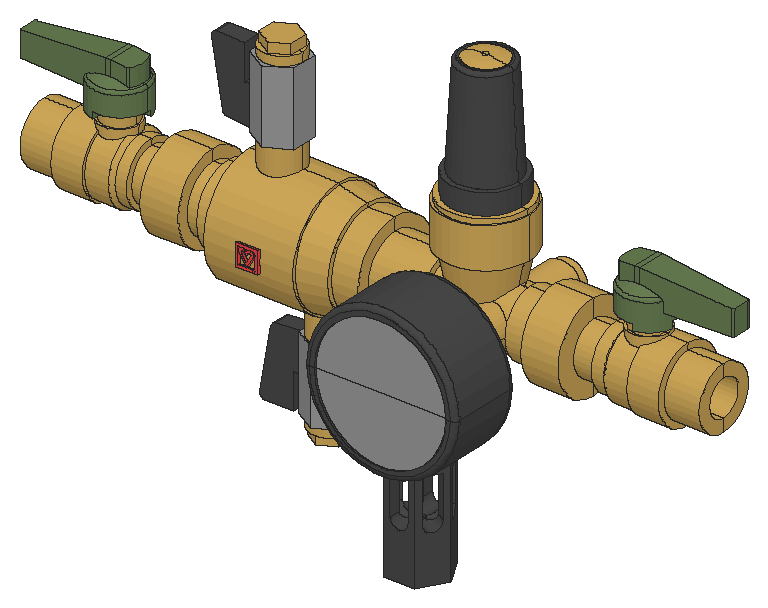
Revit family "HERZ System Separator Refilling Combination Type BA 0305", category Rohrzubehör, Revit 2018
Family settings
  Bemaßung runder Anschluss = Durchmesser verwenden
  Teiletyp = Unterbricht
  OmniClass-Nummer = 23.65.55.14
  OmniClass-Titel = Valves for Liquid Services
  Arbeitsebenenbasiert = Nein
  Immer vertikal = Ja
  Beim Laden mit Abzugskörper schneiden = Nein
  Gemeinsam genutzt = Nein
Parameters
  Note = "Pursuant to Article 33 of the REACH Regulation (EC No. 1907/2006), we are obliged to point out that the material lead is listed on the SVHC list and that all brass components manufactured in our products exceed 0.1% (w / w) lead (CAS: 7439-92-1 / EINECS: 231-100-4).\r\nSince lead is a component part of an alloy, actual exposure is not possible and therefore no additional information on safe use is necessary."
  Installation position = "horizontal"  # constant formula
  Factory pre-setting = 150000.0 Pa  # constant formula
  W02 = 80.00°  # constant formula
  W01 = 45.00°  # constant formula
  URL = "www.herzvalves.com"
  SC_NennweiteBerechnet = 0
  SC_Dimension = ""
  SCTWSEQ = "AW;SBT_TYP_AW=\"104\";2"
  SCTWCODE = "04;12;02"  # constant formula
  S08 = 65.000 mm  # constant formula
  S07 = 75.000 mm  # constant formula
  S06 = 27.000 mm  # constant formula
  S05 = 8.000 mm  # constant formula
  S04 = 20.000 mm  # constant formula
  S03 = 40.000 mm  # constant formula
  S02 [instance] = L17 + L18 + L19 + L20 + L21  # 74.900 mm
  S01 [instance] = D02 - 2.000 mm  # 13.200 mm
  R08 = 8.500 mm  # constant formula
  R07 = 31.000 mm  # constant formula
  R06 = 7.300 mm  # constant formula
  R05 = 6.500 mm  # constant formula
  R04 = 7.500 mm  # constant formula
  R03 = 8.500 mm  # constant formula
  R02 = 7.000 mm  # constant formula
  R01 = 8.000 mm  # constant formula
  Nennweite [instance] = 15.000 mm
  Medium = "Water"  # constant formula
  Max. permissible temperature (short-term) = 85 °C  # constant formula
  Max. operating temperature = 65 °C  # constant formula
  Max. operating pressure = 1000000.0 Pa  # constant formula
  L29 = 28.800 mm  # constant formula
  L28 = 85.300 mm  # constant formula
  L27 = 44.500 mm  # constant formula
  L26 = 48.500 mm  # constant formula
  L25 = 28.600 mm  # constant formula
  L24 = 10.100 mm  # constant formula
  L23 = 34.000 mm  # constant formula
  L22 = 22.000 mm  # constant formula
  L21 = 11.000 mm  # constant formula
  L20 = 12.000 mm  # constant formula
  L19 = 36.700 mm  # constant formula
  L18 = 8.700 mm  # constant formula
  L17 = 6.500 mm  # constant formula
  L16 = 70.500 mm  # constant formula
  L15 = 18.800 mm  # constant formula
  L14 = 30.000 mm  # constant formula
  L13 = 8.700 mm  # constant formula
  L12 = 4.800 mm  # constant formula
  L11 = 4.000 mm  # constant formula
  L10 = 23.300 mm  # constant formula
  L09 = 26.200 mm  # constant formula
  L08 = 15.500 mm  # constant formula
  L07 [instance] = size_lookup("0305_", "L7", 1.000 mm, Nennweite)  # 53.500 mm
  L06 [instance] = size_lookup("0305_", "L6", 1.000 mm, Nennweite)  # 30.700 mm
  L05 = 4.800 mm  # constant formula
  L04 = 10.000 mm  # constant formula
  L03 = 13.000 mm  # constant formula
  L02 [instance] = size_lookup("0305_", "L2", 1.000 mm, Nennweite)  # 14.600 mm
  L01 [instance] = size_lookup("0305_", "L1", 1.000 mm, Nennweite)  # 56.000 mm
  L00 [instance] = size_lookup("0305_", "L", 1.000 mm, Nennweite)  # 139.500 mm
  IG [instance] = Nennweite / 2  # 7.500 mm
  Hersteller = "HERZ Armaturen Ges.m.b.H."  # constant formula
  GT [instance] = size_lookup("0305_", "GT", 1.000 mm, Nennweite)  # 12.500 mm
  Sealing = "EPDM per KTW"  # constant formula
  D18 = 92.300 mm  # constant formula
  D17 = 66.500 mm  # constant formula
  D16 = 66.700 mm  # constant formula
  D15 = 12.200 mm  # constant formula
  D14 = 14.200 mm  # constant formula
  D13 = 19.200 mm  # constant formula
  D12 = 22.800 mm  # constant formula
  D11 = 23.700 mm  # constant formula
  D10 = 16.300 mm  # constant formula
  D09 = 13.500 mm  # constant formula
  D08 = 18.000 mm  # constant formula
  D07 = 22.000 mm  # constant formula
  D06 = 16.000 mm  # constant formula
  D05 = 10.600 mm  # constant formula
  D04 = 12.900 mm  # constant formula
  D03 = 14.400 mm  # constant formula
  D02 = 15.200 mm  # constant formula
  D01 [instance] = size_lookup("0305_", "D1", 1.000 mm, Nennweite)  # 12.600 mm
  Body = "brass, CW617N"  # constant formula
  Part number [instance] = if(Nennweite = 15.000 mm, "I030501", if(Nennweite = 20.000 mm, "I030502", "0"))  # "I030501"
  Output pressure = "0.5-3 bar"  # constant formula
  Application = "RPZ back flow preventers prevent the back-pressuring, back-flowing or back-suction of contaminated water into the drinking water network in accordance with EN 1717.\r\nApplication areas are all areas in which a connection is established between the drinking water network and industrial water through fixed or flexible lines.\r\nPreferred application fields are softening, de-acidification and de-carbonisation plants.\r\nFurthermore, the RPZ valves can also be used in disinfection plants or upstream of chemical cleaning apparatus, in order to prevent the back-flowing of chemically contaminated water."
Reference planes
  plane 1 "Mitte (Vorne/hinten)": y = 0
  plane 2: z = 0
  plane 3 "Mitte (Links/rechts)": x = 0
Forms (mm)
  Revolve 1, solid, material "Messing, weicher Gelbton, geschweißt", detail levels fine
    sketch origin (0, 0, 0) x (1, 0, 0) y (0, 0, 1)
      loop
        line (-127, 0) -> (-83.5, 0) -> (-83.5, 10.6) -> (-95.6, 10.6) -> (-95.6, 12.9) -> (-100.4, 12.9) -> (-101.9, 14.4) -> (-111.9, 14.4) -> (-111.9, 15.2) -> (-124.9, 15.2) -> (-124.9, 12.6) -> (-139.5, 12.6) -> (-139.5, 7.5) -> (-127, 7.5) -> (-127, 0)
      axis (-139.5, 0) -> (-83.5, 0)
    angle from 0 to 360
  Revolve 2, solid, material "Messing, weicher Gelbton, geschweißt", detail levels fine
    sketch origin (0, 0, 0) x (1, 0, 0) y (0, 0, 1)
      loop
        line (-100.8, 0) -> (-100.8, 16) -> (-101.8, 16) -> (-101.8, 22) -> (-108.8, 22) -> (-108.8, 0) -> (-100.8, 0)
      axis (-108.8, 22) -> (-108.8, 0)
    angle from 0 to 360
  Revolve 3, solid, material "Messing, weicher Gelbton, geschweißt", detail levels fine
    sketch origin (0, 0, 0) x (-1, 0, 0) y (0, 0, 1)
      loop
        line (-127, 0) -> (-83.5, 0) -> (-83.5, 10.6) -> (-95.6, 10.6) -> (-95.6, 12.9) -> (-100.4, 12.9) -> (-101.9, 14.4) -> (-111.9, 14.4) -> (-111.9, 15.2) -> (-124.9, 15.2) -> (-124.9, 12.6) -> (-139.5, 12.6) -> (-139.5, 7.5) -> (-127, 7.5) -> (-127, 0)
      axis (-139.5, 0) -> (-83.5, 0)
    angle from 0 to 360
  Revolve 4, solid, material "Messing, weicher Gelbton, geschweißt", detail levels fine
    sketch origin (0, 0, 0) x (-1, 0, 0) y (0, 0, 1)
      loop
        line (-100.8, 0) -> (-100.8, 16) -> (-101.8, 16) -> (-101.8, 22) -> (-108.8, 22) -> (-108.8, 0) -> (-100.8, 0)
      axis (-108.8, 22) -> (-108.8, 0)
    angle from 0 to 360
  Revolve 5, solid, material "Kunststoff GRÜN", detail levels fine
    sketch origin (-98.3, 0, 19.6) x (1, 0, 0) y (0, 0, 1)
      loop
        line (-10.5, 0) -> (0.9, 0) -> (0.9, 10.964)
        arc (0.9, 10.964) -> (0.673, 11.758) -> (0.059, 12.311) r 1.5
        line (0.059, 12.311) -> (-8.5, 16.5) -> (-10.5, 16.5) -> (-10.5, 0)
      axis (-10.5, 16.5) -> (-10.5, 0)
    angle from 0 to 360
  Extrusion 6, void
    sketch origin (-98.3, 0, 0) x (1, 0, 0) y (0, 1, 0)
      loop
        arc (-8.4, 11.205) -> (-18.561, 8.061) -> (-21.705, -2.1) r 11.4
        line (-21.705, -2.1) -> (-17.178, -2.1)
        arc (-17.178, -2.1) -> (-15.45, -4.95) -> (-12.6, -6.678) r 7
        line (-12.6, -6.678) -> (-12.6, -11.205)
        arc (-12.6, -11.205) -> (-2.439, -8.061) -> (0.705, 2.1) r 11.4
        line (0.705, 2.1) -> (-3.822, 2.1)
        arc (-3.822, 2.1) -> (-5.55, 4.95) -> (-8.4, 6.678) r 7
        line (-8.4, 6.678) -> (-8.4, 11.205)
    from 19.6 to 22.3
  Extrusion 7, solid, material "Kunststoff GRÜN", detail levels fine
    sketch origin (-98.3, 0, 0) x (1, 0, 0) y (0, 1, 0)
      loop
        line (-48.5, 3.242) -> (-48.5, -3.242)
        arc (-48.5, -3.242) -> (-48.281, -3.792) -> (-47.743, -4.041) r 0.8
        line (-47.743, -4.041) -> (-11.5, -5.987) -> (-9.5, -5.987) -> (-3.01, -5.535)
        arc (-3.01, -5.535) -> (-2.552, -5.387) -> (-2.216, -5.042) r 1
        arc (-2.216, -5.042) -> (-0.852, 0) -> (-2.216, 5.042) r 10
        arc (-2.216, 5.042) -> (-2.552, 5.387) -> (-3.01, 5.535) r 1
        line (-3.01, 5.535) -> (-9.5, 5.987) -> (-10.5, 5.987) -> (-11.5, 5.987) -> (-47.743, 4.041)
        arc (-47.743, 4.041) -> (-48.281, 3.792) -> (-48.5, 3.242) r 0.8
    from 26.6 to 40.1
  Extrusion 8, void
    sketch origin (-108.8, 0, 0) x (1, 0, 0) y (0, 0, 1)
      loop
        line (1, 40.1) -> (10.462, 39.272) -> (10.462, 41.682) -> (-40.279, 41.682) -> (-40.279, 36.664) -> (-1, 40.1) -> (0, 40.1) -> (1, 40.1)
    from 8 to -8
  Revolve 9, solid, material "Kunststoff GRÜN", detail levels fine
    sketch origin (98.3, 0, 19.6) x (-1, 0, 0) y (0, 0, -1)
      loop
        line (-10.5, 0) -> (-10.5, -16.5) -> (-8.5, -16.5) -> (0.059, -12.311)
        arc (0.059, -12.311) -> (0.673, -11.758) -> (0.9, -10.964) r 1.5
        line (0.9, -10.964) -> (0.9, 0) -> (-10.5, 0)
      axis (-10.5, -16.5) -> (-10.5, 0)
    angle from 0 to 360
  Extrusion 10, void
    sketch origin (98.3, 0, 0) x (-1, 0, 0) y (0, -1, 0)
      loop
        line (-8.4, -11.205) -> (-8.4, -6.678)
        arc (-8.4, -6.678) -> (-5.55, -4.95) -> (-3.822, -2.1) r 7
        line (-3.822, -2.1) -> (0.705, -2.1)
        arc (0.705, -2.1) -> (-2.439, 8.061) -> (-12.6, 11.205) r 11.4
        line (-12.6, 11.205) -> (-12.6, 6.678)
        arc (-12.6, 6.678) -> (-15.45, 4.95) -> (-17.178, 2.1) r 7
        line (-17.178, 2.1) -> (-21.705, 2.1)
        arc (-21.705, 2.1) -> (-18.561, -8.061) -> (-8.4, -11.205) r 11.4
    from 19.6 to 22.3
  Extrusion 11, solid, material "Kunststoff GRÜN", detail levels fine
    sketch origin (98.3, 0, 0) x (-1, 0, 0) y (0, -1, 0)
      loop
        arc (-48.5, -3.242) -> (-48.281, -3.792) -> (-47.743, -4.041) r 0.8
        line (-47.743, -4.041) -> (-11.5, -5.987) -> (-10.5, -5.987) -> (-9.5, -5.987) -> (-3.01, -5.535)
        arc (-3.01, -5.535) -> (-2.552, -5.387) -> (-2.216, -5.042) r 1
        arc (-2.216, -5.042) -> (-0.852, 0) -> (-2.216, 5.042) r 10
        arc (-2.216, 5.042) -> (-2.552, 5.387) -> (-3.01, 5.535) r 1
        line (-3.01, 5.535) -> (-9.5, 5.987) -> (-11.5, 5.987) -> (-47.743, 4.041)
        arc (-47.743, 4.041) -> (-48.281, 3.792) -> (-48.5, 3.242) r 0.8
        line (-48.5, 3.242) -> (-48.5, -3.242)
    from 26.6 to 40.1
  Extrusion 12, void
    sketch origin (108.8, 0, 0) x (-1, 0, 0) y (0, 0, -1)
      loop
        line (1, -40.1) -> (0, -40.1) -> (-1, -40.1) -> (-40.279, -36.664) -> (-40.279, -41.682) -> (10.462, -41.682) -> (10.462, -39.272) -> (1, -40.1)
    from 8 to -8
  Revolve 13, solid, material "Messing, weicher Gelbton, geschweißt", detail levels fine
    sketch origin (0, 0, 0) x (1, 0, 0) y (0, 0, 1)
      loop
        line (-86, 0) -> (-70.5, 0) -> (-70.5, 18) -> (-86, 18) -> (-86, 0)
      axis (-86, 0) -> (-70.5, 0)
    angle from 0 to 360
  Revolve 14, solid, material "Messing, weicher Gelbton, geschweißt", detail levels fine
    sketch origin (0, 0, 0) x (-1, 0, 0) y (0, 0, 1)
      loop
        line (-86, 0) -> (-70.5, 0) -> (-70.5, 18) -> (-86, 18) -> (-86, 0)
      axis (-86, 0) -> (-70.5, 0)
    angle from 0 to 360
  Revolve 15, solid, material "Messing, weicher Gelbton, geschweißt", detail levels fine
    sketch origin (0, 0, 0) x (1, 0, 0) y (0, 1, 0)
      loop
        line (59.2, 26.2) -> (59.2, 30.2) -> (51.7, 30.2) -> (51.7, -28.1) -> (58.2, -28.1) -> (58.2, -23.3) -> (60.2, -23.3) -> (60.2, 26.2) -> (59.2, 26.2)
      axis (51.7, 30.2) -> (51.7, -28.1)
    angle from 0 to 360
  Revolve 16, solid, material "Kunststoff - SCHWARZ", detail levels fine
    sketch origin (0, 0, 0) x (1, 0, 0) y (0, 1, 0)
      loop
        line (51.7, -28.1) -> (51.7, -64.8) -> (78.7, -64.8) -> (78.7, -66.8) -> (80.7, -66.8)
        arc (80.7, -66.8) -> (82.114, -66.214) -> (82.7, -64.8) r 2
        line (82.7, -64.8) -> (82.7, -38.8)
        arc (82.7, -38.8) -> (82.114, -37.386) -> (80.7, -36.8) r 2
        line (80.7, -36.8) -> (59, -36.8) -> (59, -28.1) -> (51.7, -28.1)
      axis (51.7, -28.1) -> (51.7, -66.8)
    angle from 0 to 360
  Revolve 17, solid, material "Messing, weicher Gelbton, geschweißt", detail levels fine
    sketch origin (0, 0, 0) x (1, 0, 0) y (0, 0, 1)
      loop
        line (-70.5, 0) -> (70.5, 0) -> (70.5, 13.5) -> (60.4, 13.5) -> (60.4, 12.2) -> (26.4, 12.2) -> (26.4, 14.2) -> (4.4, 14.2) -> (4.4, 19.2) -> (-6.6, 19.2) -> (-6.6, 20.684) -> (-18.6, 22.8) -> (-18.6, 23.7) -> (-55.3, 23.7) -> (-55.3, 16.3) -> (-64, 16.3) -> (-64, 13.5) -> (-70.5, 13.5) -> (-70.5, 0)
      axis (-70.5, 0) -> (70.5, 0)
    angle from 0 to 360
  Revolve 18, solid, material "Messing, weicher Gelbton, geschweißt", detail levels fine
    sketch origin (0, 0, 0) x (1, 0, 0) y (0, 0, 1)
      loop
        line (-41.9, 0) -> (-33.4, 0) -> (-33.4, 66.7) -> (-41.9, 66.7) -> (-41.9, 0)
      axis (-41.9, 0) -> (-41.9, 66.7)
    angle from 0 to 360
  Revolve 19, solid, material "Messing, weicher Gelbton, geschweißt", detail levels fine
    sketch origin (0, 0, 0) x (1, 0, 0) y (0, 0, -1)
      loop
        line (-22, 0) -> (-13.5, 0) -> (-13.5, 66.7) -> (-22, 66.7) -> (-22, 0)
      axis (-22, 0) -> (-22, 66.7)
    angle from 0 to 360
  Extrusion 20, solid, material "Messing, weicher Gelbton, geschweißt", detail levels fine
    sketch origin (0, 0, 0) x (1, 0, 0) y (0, 1, 0)
      loop
        line (-41.9, 7.5) -> (-48.395, 3.75) -> (-48.395, -3.75) -> (-41.9, -7.5) -> (-35.405, -3.75) -> (-35.405, 3.75) -> (-41.9, 7.5)
    from 66.7 <- "D16" to 70.7
  Extrusion 21, solid, material "Messing, weicher Gelbton, geschweißt", detail levels fine
    sketch origin (0, 0, 0) x (1, 0, 0) y (0, 1, 0)
      loop
        line (-22, 7.5) -> (-28.495, 3.75) -> (-28.495, -3.75) -> (-22, -7.5) -> (-15.505, -3.75) -> (-15.505, 3.75) -> (-22, 7.5)
    from -70.7 to -66.7
  Extrusion 22, solid, material "Aluminium 3003-H16", detail levels fine
    sketch origin (0, 0, 0) x (1, 0, 0) y (0, 1, 0)
      loop
        line (-41.9, 10.5) -> (-50.993, 5.25) -> (-50.993, -5.25) -> (-41.9, -10.5) -> (-32.807, -5.25) -> (-32.807, 5.25) -> (-41.9, 10.5)
    from 33.3 to 63.3
  Extrusion 23, solid, material "Aluminium 3003-H16", detail levels fine
    sketch origin (0, 0, 0) x (1, 0, 0) y (0, 1, 0)
      loop
        line (-22, 10.5) -> (-31.093, 5.25) -> (-31.093, -5.25) -> (-22, -10.5) -> (-12.907, -5.25) -> (-12.907, 5.25) -> (-22, 10.5)
    from -63.3 to -33.3
  Extrusion 24, solid, material "Kunststoff - SCHWARZ", detail levels fine
    sketch origin (0, 0, 0) x (1, 0, 0) y (0, 0, 1)
      loop
        line (-31.093, -33.8) -> (-41.854, -34.675)
        arc (-41.854, -34.675) -> (-43.039, -35.189) -> (-43.662, -36.321) r 2
        line (-43.662, -36.321) -> (-48.186, -61.952)
        arc (-48.186, -61.952) -> (-47.748, -63.585) -> (-46.216, -64.3) r 2
        line (-46.216, -64.3) -> (-34.4, -64.3) -> (-34.4, -49.8) -> (-22, -49.8) -> (-22, -33.8) -> (-31.093, -33.8)
    from -3.5 to 3.5
  Extrusion 25, solid, material "Kunststoff - SCHWARZ", detail levels fine
    sketch origin (-20, 0, 0) x (1, 0, 0) y (0, 0, 1)
      loop
        line (-31.093, 33.8) -> (-22, 33.8) -> (-22, 49.8) -> (-34.4, 49.8) -> (-34.4, 64.3) -> (-46.216, 64.3)
        arc (-46.216, 64.3) -> (-47.748, 63.585) -> (-48.186, 61.952) r 2
        line (-48.186, 61.952) -> (-43.662, 36.321)
        arc (-43.662, 36.321) -> (-43.039, 35.189) -> (-41.854, 34.675) r 2
        line (-41.854, 34.675) -> (-31.093, 33.8)
    from -3.5 to 3.5
  Revolve 26, solid, material "Messing, weicher Gelbton, geschweißt", detail levels fine
    sketch origin (0, 0, 0) x (1, 0, 0) y (0, 0, 1)
      loop
        line (-26, 0) -> (9.709, -35.709) -> (14.517, -30.901) -> (13.103, -29.486) -> (14.164, -28.426) -> (11.335, -25.597) -> (12.042, -24.89) -> (-19.424, 6.576) -> (-26, 0)
      axis (-26, 0) -> (9.709, -35.709)
    angle from 0 to 360
  Revolve 27, solid, material "Messing, weicher Gelbton, geschweißt", detail levels fine
    sketch origin (0, 0, 0) x (1, 0, 0) y (0, 0, 1)
      loop
        line (14.8, -48) -> (14.8, -66.5) -> (21.3, -66.5) -> (21.3, -65.5) -> (24.6, -65.5) -> (24.6, -54) -> (23.1, -54) -> (23.1, -50) -> (21.6, -50) -> (21.6, -48) -> (14.8, -48)
      axis (14.8, -48) -> (14.8, -66.5)
    angle from 0 to 360
  SweptBlend 28, solid, material "Messing, weicher Gelbton, geschweißt", detail levels fine
    path origin (0, 0, 0) x (1, 0, 0) y (0, 0, 1)
      loop
        arc (14.8, -48) -> (13.5, -41.338) -> (9.709, -35.709) r 17.079
    profile origin (14.8, 0, -48) x (-0.999973, 0, 0.007372) y (0, -1, 0)
      loop
        circle (0, 0) r 6.8
    end profile origin (9.709, 0, -35.709) x (-0.701878, 0, -0.712297) y (0, -1, 0)
      loop
        circle (0, 0) r 6.8
  Extrusion 29, solid, material "Kunststoff - SCHWARZ", detail levels fine
    sketch origin (1.983, -7.4, 0) x (0.866025, 0.5, 0) y (-0.5, 0.866025, 0)
      loop
        line (14.8, 12.5) -> (3.975, 6.25) -> (3.975, -6.25) -> (14.8, -12.5) -> (25.625, -6.25) -> (25.625, 6.25) -> (14.8, 12.5)
    from -107 to -58
  Extrusion 30, void
    sketch origin (0, 0, 0) x (1, 0, 0) y (0, 0, 1)
      loop
        line (11.05, -66.5) -> (11.05, -84.05)
        arc (11.05, -84.05) -> (14.8, -87.8) -> (18.55, -84.05) r 3.75
        line (18.55, -84.05) -> (18.55, -66.5) -> (11.05, -66.5)
    from 1 to 12
  Extrusion 31, void
    sketch origin (22.2, 12.817, 0) x (-0.5, -0.866025, 0) y (0, 0, -1)
      loop
        line (11.05, 66.5) -> (18.55, 66.5) -> (18.55, 84.05)
        arc (18.55, 84.05) -> (14.8, 87.8) -> (11.05, 84.05) r 3.75
        line (11.05, 84.05) -> (11.05, 66.5)
    from -12 to -1
  Extrusion 32, void
    sketch origin (22.2, -12.817, 0) x (-0.5, 0.866025, 0) y (0, 0, 1)
      loop
        line (11.05, -66.5) -> (11.05, -84.05)
        arc (11.05, -84.05) -> (14.8, -87.8) -> (18.55, -84.05) r 3.75
        line (18.55, -84.05) -> (18.55, -66.5) -> (11.05, -66.5)
    from -12 to -1
  Extrusion 33, void
    sketch origin (0, 0, 0) x (1, 0, 0) y (0, 0, 1)
      loop
        line (11.05, -66.5) -> (11.05, -84.05)
        arc (11.05, -84.05) -> (14.8, -87.8) -> (18.55, -84.05) r 3.75
        line (18.55, -84.05) -> (18.55, -66.5) -> (11.05, -66.5)
    from -12 to -1
  Extrusion 34, void
    sketch origin (22.2, -12.817, 0) x (-0.5, 0.866025, 0) y (0, 0, -1)
      loop
        line (11.05, 66.5) -> (18.55, 66.5) -> (18.55, 84.05)
        arc (18.55, 84.05) -> (14.8, 87.8) -> (11.05, 84.05) r 3.75
        line (11.05, 84.05) -> (11.05, 66.5)
    from -12 to -1
  Extrusion 35, void
    sketch origin (22.2, 12.817, 0) x (-0.5, -0.866025, 0) y (0, 0, 1)
      loop
        line (11.05, -66.5) -> (11.05, -84.05)
        arc (11.05, -84.05) -> (14.8, -87.8) -> (18.55, -84.05) r 3.75
        line (18.55, -84.05) -> (18.55, -66.5) -> (11.05, -66.5)
    from -12 to -1
  Extrusion 36, void
    sketch origin (0, 0, 0) x (1, 0, 0) y (0, 1, 0)
      loop
        circle (14.8, 0) r 2
    from -88.4 to -66.5
  Revolve 37, solid, material "Messing, weicher Gelbton, geschweißt", detail levels fine
    sketch origin (0, 0, 0) x (1, 0, 0) y (0, 0, 1)
      loop
        line (41.7, 0) -> (52.967, 0) -> (57.7, 22.6) -> (59.7, 22.6) -> (59.7, 39.2) -> (58.9, 39.2) -> (58.9, 41.2) -> (41.7, 41.2) -> (41.7, 0)
      axis (41.7, 41.2) -> (41.7, 0)
    angle from 0 to 360
  Revolve 38, solid, material "Kunststoff - SCHWARZ", detail levels fine
    sketch origin (0, 0, 0) x (1, 0, 0) y (0, 0, 1)
      loop
        line (41.7, 41.2) -> (56.7, 41.2) -> (56.7, 49.7) -> (54.7, 49.7) -> (52.769, 89.772)
        arc (52.769, 89.772) -> (52.305, 90.786) -> (51.271, 91.2) r 1.5
        line (51.271, 91.2) -> (41.7, 91.2) -> (41.7, 41.2)
      axis (41.7, 91.2) -> (41.7, 41.2)
    angle from 0 to 360
  Revolve 39, solid, material "Messing, weicher Gelbton, geschweißt", detail levels fine
    sketch origin (0, 0, 0) x (1, 0, 0) y (0, 0, 1)
      loop
        line (41.7, 90.224) -> (50.2, 90.224) -> (50.2, 91.262)
        arc (50.2, 91.262) -> (46.695, 92.029) -> (43.118, 92.3) r 25.716
        line (43.118, 92.3) -> (41.7, 92.3) -> (41.7, 90.224)
      axis (41.7, 92.3) -> (41.7, 90.224)
    angle from 0 to 360
  Revolve 40, solid, material "Acetalharz, Weiß", detail levels fine
    sketch origin (0, 0, 0) x (1, 0, 0) y (0, 1, 0)
      loop
        line (51.7, -64.8) -> (51.7, -66.3) -> (78.7, -66.3) -> (78.7, -64.8) -> (51.7, -64.8)
      axis (51.7, -66.3) -> (51.7, -64.8)
    angle from 0 to 360
Cuts and joins
  Extrusion 6, Extrusion 10 cuts Revolve 5
  Extrusion 8, Extrusion 12 cuts Extrusion 7
  Extrusion 10 cuts Revolve 2
  Extrusion 10 cuts Revolve 9
  Extrusion 12 cuts Extrusion 11
  Extrusion 30, Extrusion 31, Extrusion 32, Extrusion 33, Extrusion 34, Extrusion 35, Extrusion 36 cuts Revolve 27
  Extrusion 30, Extrusion 31, Extrusion 32, Extrusion 33, Extrusion 34, Extrusion 35, Extrusion 36 cuts Extrusion 29
Lines and regions (mm)
  model lines
    curve 1: line (-70.5, 0, 0) -> (4.4, 0, 0)
  model lines, detail levels coarse+medium
    curve 2: line (-139.5, 0, 15.2) -> (-139.5, 0, -15.2)
    curve 3: line (-139.5, 0, -15.2) -> (-83.5, 0, 15.2)
    curve 4: line (-83.5, 0, 15.2) -> (-83.5, 0, -15.2)
    curve 5: line (-83.5, 0, -15.2) -> (-139.5, 0, 15.2)
    curve 6: circle (-111.5, 0, 0) r 13.2 normal (0, -1, 0)
    curve 7: line (139.5, 0, 15.2) -> (139.5, 0, -15.2)
    curve 8: line (139.5, 0, -15.2) -> (83.5, 0, 15.2)
    curve 9: line (83.5, 0, 15.2) -> (83.5, 0, -15.2)
    curve 10: line (83.5, 0, -15.2) -> (139.5, 0, 15.2)
    curve 11: circle (111.5, 0, 0) r 13.2 normal (0, 1, 0)
    curve 12: line (-70.5, 0, 23.7) -> (4.4, 0, 23.7)
    curve 13: line (-70.5, 0, -23.7) -> (-70.5, 0, 23.7)
    curve 14: line (4.4, 0, -23.7) -> (-70.5, 0, -23.7)
    curve 15: line (4.4, 0, 23.7) -> (4.4, 0, -23.7)
    curve 16: line (-83.5, 0, 0) -> (-70.5, 0, 0)
    curve 17: line (-70.5, 0, 15.7) -> (-30.5, 0, 15.7)
    curve 18: line (-15.6, 0, 15.7) -> (4.4, 0, 15.7)
    curve 19: line (-70.5, 0, -15.7) -> (-30.5, 0, -15.7)
    curve 20: line (-15.6, 0, -15.7) -> (4.4, 0, -15.7)
    curve 21: line (4.4, 0, 0) -> (83.5, 0, 0)
    curve 22: circle (51.592, 0, 47) r 27 normal (0, -1, 0)
    curve 23: line (35.682, 0, 31.09) -> (67.502, 0, 62.91)
    curve 24: line (67.502, 0, 62.91) -> (67.502, 0, 52.91)
    curve 25: line (67.502, 0, 62.91) -> (57.502, 0, 62.91)
    curve 26: line (51.592, 0, 20) -> (51.592, 0, 0)
    curve 27: line (4.4, 0, -23.7) -> (4.4, 0, -75)
    curve 28: line (-8.1, 0, -65) -> (16.9, 0, -65)
    curve 29: line (-139.5, 15.2, 0) -> (-139.5, -15.2, 0)
    curve 30: line (-139.5, -15.2, 0) -> (-83.5, 15.2, 0)
    curve 31: line (-83.5, 15.2, 0) -> (-83.5, -15.2, 0)
    curve 32: line (-83.5, -15.2, 0) -> (-139.5, 15.2, 0)
    curve 33: circle (-111.5, 0, 0) r 13.2 normal (0, 0, 1)
    curve 34: line (139.5, 15.2, 0) -> (139.5, -15.2, 0)
    curve 35: line (139.5, -15.2, 0) -> (83.5, 15.2, 0)
    curve 36: line (83.5, 15.2, 0) -> (83.5, -15.2, 0)
    curve 37: line (83.5, -15.2, 0) -> (139.5, 15.2, 0)
    curve 38: circle (111.5, 0, 0) r 13.2 normal (0, 0, -1)
    curve 39: circle (41.3, 36.063, 0) r 27 normal (0, 0, 1)
    curve 40: line (25.39, 20.154, 0) -> (57.21, 51.973, 0)
    curve 41: line (57.21, 51.973, 0) -> (57.21, 41.973, 0)
    curve 42: line (57.21, 51.973, 0) -> (47.21, 51.973, 0)
    curve 43: line (41.3, 9.063, 0) -> (41.3, 0, 0)
    curve 44: line (-70.5, 23.7, 0) -> (4.4, 23.7, 0)
    curve 45: line (-70.5, -23.7, 0) -> (-70.5, 23.7, 0)
    curve 46: line (4.4, -23.7, 0) -> (-70.5, -23.7, 0)
    curve 47: line (4.4, 23.7, 0) -> (4.4, -23.7, 0)
    curve 48: line (-70.5, 15.7, 0) -> (-30.5, 15.7, 0)
    curve 49: line (4.4, 15.7, 0) -> (-15.6, 15.7, 0)
    curve 50: line (-70.5, -15.7, 0) -> (-30.5, -15.7, 0)
    curve 51: line (4.4, -15.7, 0) -> (-15.6, -15.7, 0)
    curve 52: line (4.4, -23.7, 0) -> (4.4, -75, 0)
    curve 53: line (-8.1, -65, 0) -> (16.9, -65, 0)
Dimensions and locks
  "IG": Revolve 1 sketch curve to plane 2
  "L01": Revolve 1 sketch curve to Revolve 1 sketch curve
  "L02": Revolve 1 sketch curve to Revolve 1 sketch curve
  "L03": Revolve 1 sketch curve to Revolve 1 sketch curve
  "L04": Revolve 1 sketch curve to Revolve 1 sketch curve
  "L05": Revolve 1 sketch curve to Revolve 1 sketch curve
  "D01": Revolve 1 sketch curve to plane 2
  "D02": Revolve 1 sketch curve to Revolve 1 sketch curve
  "D03": Revolve 1 sketch curve to plane 2
  "D04": Revolve 1 sketch curve to plane 2
  "D05": Revolve 1 sketch curve to plane 2
  "R01": Revolve 2 sketch curve to Revolve 2 sketch curve
  "L06": Revolve 1 to Revolve 2 sketch curve
  "D06": Revolve 2 sketch curve to plane 2
  "R02": Revolve 2 sketch curve to Revolve 2 sketch curve
  "D07": Revolve 2 sketch curve to plane 2
  "L00": plane 3 "Mitte (Links/rechts)" to Revolve 1 sketch curve
  "L01": Revolve 3 sketch curve to Revolve 3 sketch curve
  "L02": Revolve 3 sketch curve to Revolve 3 sketch curve
  "L03": Revolve 3 sketch curve to Revolve 3 sketch curve
  "L04": Revolve 3 sketch curve to Revolve 3 sketch curve
  "L05": Revolve 3 sketch curve to Revolve 3 sketch curve
  "D02": Revolve 3 sketch curve to Revolve 3 sketch curve
  "R01": Revolve 4 sketch curve to Revolve 4 sketch curve
  "L06": Revolve 3 to Revolve 4 sketch curve
  "R02": Revolve 4 sketch curve to Revolve 4 sketch curve
  "L00": plane 3 "Mitte (Links/rechts)" to Revolve 3 sketch curve
  "L06": Revolve 5 sketch curve to Revolve 1
  cut or joined group of Revolve 5, Extrusion 6, Extrusion 10 to plane 2 = 22.300 mm
  Extrusion 10 to plane 2 = 22.300 mm
  "L06": Revolve 9 sketch curve to Revolve 3
  "L07": Revolve 13 sketch curve to Revolve 1
  "L08": Revolve 13 sketch curve to Revolve 13 sketch curve
  "D08": Revolve 13 sketch curve to plane 2
  "L08": Revolve 14 sketch curve to Revolve 14 sketch curve
  "L07": Revolve 14 sketch curve to Revolve 3
  "D08": Revolve 14 sketch curve to plane 2
  "IG": Revolve 3 sketch curve to plane 2
  "D01": Revolve 3 sketch curve to plane 2
  "D05": Revolve 3 sketch curve to plane 2
  "D04": Revolve 3 sketch curve to plane 2
  "D03": Revolve 3 sketch curve to plane 2
  "D06": Revolve 4 sketch curve to plane 2
  "D07": Revolve 4 sketch curve to plane 2
  "L06": Extrusion 11 sketch curve to Revolve 3
  "L06": Revolve 1 to Extrusion 7 sketch curve
  cut or joined group of Extrusion 7, Extrusion 8, Extrusion 12 to Extrusion 7 sketch curve = 38.000 mm
  Extrusion 11 sketch curve to cut or joined group of Extrusion 11, Extrusion 12 = 38.000 mm
  "L06": Revolve 1 to Extrusion 8 sketch curve
  "L06": Extrusion 12 sketch curve to Revolve 3
  "R03": Revolve 15 sketch curve to Revolve 15 sketch curve
  "L09": plane 1 "Mitte (Vorne/hinten)" to Revolve 15 sketch curve
  "L10": Revolve 15 sketch curve to plane 1 "Mitte (Vorne/hinten)"
  "R04": Revolve 15 sketch curve to Revolve 15 sketch curve
  "L11": Revolve 15 sketch curve to Revolve 15 sketch curve
  "R05": Revolve 15 sketch curve to Revolve 15 sketch curve
  "L15": Revolve 15 sketch curve to Revolve 14
  "L12": Revolve 15 sketch curve to Revolve 15 sketch curve
  "R06": Revolve 15 sketch curve to Revolve 16 sketch curve
  "L13": Revolve 16 sketch curve to Revolve 16 sketch curve
  "R07": Revolve 15 sketch curve to Revolve 16 sketch curve
  "L14": Revolve 16 sketch curve to Revolve 16 sketch curve
  "R07": Revolve 16 sketch curve to Revolve 16 sketch curve
  Revolve 16 sketch curve to Revolve 16 sketch curve = 7.300 mm
  "GT": Revolve 1 sketch curve to Revolve 1 sketch curve
  "GT": Revolve 3 sketch curve to Revolve 3 sketch curve
  "L16": plane 3 "Mitte (Links/rechts)" to Revolve 17 sketch curve
  "L17": Revolve 17 sketch curve to Revolve 17 sketch curve
  "L18": Revolve 17 sketch curve to Revolve 17 sketch curve
  "L19": Revolve 17 sketch curve to Revolve 17 sketch curve
  "L20": Revolve 17 sketch curve to Revolve 17 sketch curve
  "L21": Revolve 17 sketch curve to Revolve 17 sketch curve
  "L22": Revolve 17 sketch curve to Revolve 17 sketch curve
  "L23": Revolve 17 sketch curve to Revolve 17 sketch curve
  "L24": Revolve 17 sketch curve to Revolve 17 sketch curve
  "D09": Revolve 17 sketch curve to plane 2  (x2)
  "D10": Revolve 17 sketch curve to plane 2
  "D11": Revolve 17 sketch curve to plane 2
  "D15": Revolve 17 sketch curve to plane 2
  "D14": Revolve 17 sketch curve to plane 2
  "D13": Revolve 17 sketch curve to plane 2
  "D12": Revolve 17 sketch curve to plane 2
  "L06": Revolve 1 to Extrusion 6 sketch curve
  "L06": Extrusion 10 sketch curve to Revolve 3
  "L25": Revolve 13 to Revolve 18 sketch curve
  "R08": Revolve 18 sketch curve to Revolve 18 sketch curve
  "D16": Revolve 18 sketch curve to plane 2
  "R08": Revolve 19 sketch curve to Revolve 19 sketch curve
  "L26": Revolve 13 to Revolve 19 sketch curve
  "D16": plane 2 to Revolve 19 sketch curve
  "L25": Revolve 13 to Extrusion 20 sketch curve
  "L26": Revolve 13 to Extrusion 21 sketch curve
  "L25": Revolve 13 to Extrusion 22 sketch curve
  "L26": Revolve 13 to Extrusion 23 sketch curve
  "L27": Revolve 13 to Revolve 26 sketch curve
  "L28": Revolve 13 to Revolve 27 sketch curve
  "L29": Revolve 37 sketch curve to Revolve 14
  "D18": Revolve 39 sketch curve to plane 2
  Revolve 37 sketch curve to Revolve 37 sketch curve = 11.267 mm
  "D11": nested 1 to plane 1 "Mitte (Vorne/hinten)"
  "D02": curve 5 to plane 2 to curve 3
  "D02": curve 4 to plane 2 to curve 5
  "L00": plane 3 "Mitte (Links/rechts)" to curve 2
  "L01": curve 2 to curve 4
  "D02": curve 10 to plane 2 to curve 8
  "D02": curve 9 to plane 2 to curve 10
  "L00": curve 7 to plane 3 "Mitte (Links/rechts)"
  "L01": curve 9 to curve 7
  "L16": plane 3 "Mitte (Links/rechts)" to curve 13
  "S02": curve 15 to curve 13
  "D11": curve 12 to plane 2 to curve 14
  "S05": curve 19 to curve 14
  "S05": curve 12 to curve 17
  "S05": curve 12 to curve 18
  "S05": curve 20 to curve 14
  "S04": curve 18 to curve 15
  "S03": curve 17 to curve 13
  "S03": curve 19 to curve 13
  "S04": curve 20 to curve 15
  "S07": plane 2 to curve 27
  "S08": plane 2 to curve 28
  "L00": curve 29 to plane 3 "Mitte (Links/rechts)"
  "L01": curve 29 to curve 31
  "D02": curve 30 to plane 1 "Mitte (Vorne/hinten)" to curve 32
  "D02": curve 32 to plane 1 "Mitte (Vorne/hinten)" to curve 31
  equal spacing: curve 29, curve 33, curve 31
  equal spacing: curve 2, curve 6, curve 4
  equal spacing: curve 9, curve 11, curve 7
  "L01": curve 34 to curve 36
  "D02": curve 35 to plane 1 "Mitte (Vorne/hinten)" to curve 37
  "D02": curve 37 to plane 1 "Mitte (Vorne/hinten)" to curve 36
  equal spacing: curve 34, curve 38, curve 36
  "L00": plane 3 "Mitte (Links/rechts)" to curve 34
  "L16": curve 45 to plane 3 "Mitte (Links/rechts)"
  "S02": curve 45 to curve 47
  "D11": curve 46 to plane 1 "Mitte (Vorne/hinten)" to curve 44
  "S05": curve 48 to curve 44
  "S05": curve 44 to curve 49
  "S05": curve 51 to curve 46
  "S05": curve 46 to curve 50
  "S03": curve 45 to curve 48
  "S04": curve 49 to curve 47
  "S04": curve 51 to curve 47
  "S03": curve 45 to curve 50
  "S07": curve 52 to plane 1 "Mitte (Vorne/hinten)"
  "S08": curve 53 to plane 1 "Mitte (Vorne/hinten)"
  radius of cut or joined group of Extrusion 7, Extrusion 8, Extrusion 12 = 10.000 mm
  radius of cut or joined group of Extrusion 11, Extrusion 12 = 10.000 mm
  "S01": radius of curve 6
  "S01": radius of curve 11
  "S06": radius of curve 22
  "S01": radius of curve 33
  "S01": radius of curve 38
  "S06": radius of curve 39
  "W01": angle Revolve 1 sketch curve to Revolve 1 sketch curve
  "W01": angle Revolve 3 sketch curve to Revolve 3 sketch curve
  "W02": angle Revolve 17 sketch curve to Revolve 17 sketch curve
  "W01": angle Revolve 26 sketch curve to plane 2
  "W01": angle curve 23 to curve 24
  "W01": angle curve 25 to curve 23
  "W01": angle curve 40 to curve 41
  "W01": angle curve 42 to curve 40
  aligned and locked: level to plane 2
Automatic sketch dimensions
  Extrusion 24 sketch curve to plane 3 "Mitte (Links/rechts)" = 48.186 mm
  Extrusion 24 sketch curve to Extrusion 24 sketch curve = 1.970 mm  (x2)
  Extrusion 24 sketch curve to Extrusion 24 sketch curve = 4.524 mm
  Extrusion 24 sketch curve to Extrusion 24 sketch curve = 1.807 mm
  Extrusion 24 sketch curve to Extrusion 24 sketch curve = 7.292 mm
  Extrusion 24 sketch curve to Extrusion 24 sketch curve = 10.761 mm
  Extrusion 24 sketch curve to Extrusion 24 sketch curve = 12.400 mm
  Extrusion 24 sketch curve to level = 64.300 mm
  Extrusion 24 sketch curve to Extrusion 24 sketch curve = 2.000 mm
  Extrusion 24 sketch curve to Extrusion 24 sketch curve = 14.500 mm
  Extrusion 24 sketch curve to Extrusion 24 sketch curve = 13.132 mm
  Extrusion 24 sketch curve to Extrusion 24 sketch curve = 0.348 mm
  Extrusion 24 sketch curve to Extrusion 24 sketch curve = 0.875 mm
  plane 3 "Mitte (Links/rechts)" to Extrusion 25 sketch curve = 68.186 mm
  Extrusion 25 sketch curve to Extrusion 25 sketch curve = 1.970 mm  (x2)
  Extrusion 25 sketch curve to Extrusion 25 sketch curve = 4.524 mm
  Extrusion 25 sketch curve to level = 34.675 mm
  Extrusion 25 sketch curve to Extrusion 25 sketch curve = 1.807 mm
  Extrusion 25 sketch curve to Extrusion 25 sketch curve = 7.292 mm
  Extrusion 25 sketch curve to Extrusion 25 sketch curve = 10.761 mm
  Extrusion 25 sketch curve to Extrusion 25 sketch curve = 12.400 mm
  Extrusion 25 sketch curve to Extrusion 25 sketch curve = 1.646 mm
  Extrusion 25 sketch curve to Extrusion 25 sketch curve = 13.132 mm
  Extrusion 25 sketch curve to Extrusion 25 sketch curve = 12.152 mm
  Extrusion 25 sketch curve to Extrusion 25 sketch curve = 0.348 mm
  Extrusion 25 sketch curve to Extrusion 25 sketch curve = 0.875 mm
  SweptBlend 28 sketch curve to plane 3 "Mitte (Links/rechts)" = 2.278 mm
  SweptBlend 28 sketch curve to level = 47.874 mm
  plane 3 "Mitte (Links/rechts)" to SweptBlend 28 sketch curve = 9.709 mm
  SweptBlend 28 sketch curve to SweptBlend 28 sketch curve = 5.091 mm
  SweptBlend 28 sketch curve to SweptBlend 28 sketch curve = 0.126 mm
  plane 1 "Mitte (Vorne/hinten)" to SweptBlend 28 sketch curve = 0.000 mm  (x2)
  SweptBlend 28 sketch curve to profile plane = 0.000 mm  (x2)
  plane 1 "Mitte (Vorne/hinten)" to Extrusion 29 sketch curve = 0.000 mm  (x2)
  plane 3 "Mitte (Links/rechts)" to Extrusion 29 sketch curve = 2.300 mm
  Extrusion 29 sketch curve to Extrusion 29 sketch curve = 10.825 mm  (x3)
  Extrusion 29 sketch curve to Extrusion 29 sketch curve = 12.500 mm  (x2)
  Extrusion 29 sketch curve to Extrusion 29 sketch curve = 6.250 mm  (x2)
  plane 3 "Mitte (Links/rechts)" to Extrusion 30 sketch curve = 11.050 mm
  Extrusion 30 sketch curve to Extrusion 30 sketch curve = 3.750 mm
  Extrusion 30 sketch curve to level = 84.050 mm
  Extrusion 30 sketch curve to Extrusion 30 sketch curve = 17.550 mm
  Extrusion 30 sketch curve to Extrusion 30 sketch curve = 0.000 mm
  Extrusion 31 sketch curve to level = 66.500 mm
  Extrusion 31 sketch curve to Extrusion 31 sketch curve = 3.750 mm
  Extrusion 31 sketch curve to Extrusion 31 sketch curve = 17.550 mm
  Extrusion 31 sketch curve to Extrusion 31 sketch curve = 0.000 mm
  Extrusion 32 sketch curve to level = 66.500 mm
  Extrusion 32 sketch curve to Extrusion 32 sketch curve = 3.750 mm
  Extrusion 32 sketch curve to Extrusion 32 sketch curve = 17.550 mm
  Extrusion 32 sketch curve to Extrusion 32 sketch curve = 0.000 mm
  plane 3 "Mitte (Links/rechts)" to Extrusion 33 sketch curve = 11.050 mm
  Extrusion 33 sketch curve to Extrusion 33 sketch curve = 3.750 mm
  Extrusion 33 sketch curve to level = 84.050 mm
  Extrusion 33 sketch curve to Extrusion 33 sketch curve = 17.550 mm
  Extrusion 33 sketch curve to Extrusion 33 sketch curve = 0.000 mm
  Extrusion 34 sketch curve to level = 66.500 mm
  Extrusion 34 sketch curve to Extrusion 34 sketch curve = 3.750 mm
  Extrusion 34 sketch curve to Extrusion 34 sketch curve = 17.550 mm
  Extrusion 34 sketch curve to Extrusion 34 sketch curve = 0.000 mm
  Extrusion 35 sketch curve to level = 66.500 mm
  Extrusion 35 sketch curve to Extrusion 35 sketch curve = 3.750 mm
  Extrusion 35 sketch curve to Extrusion 35 sketch curve = 17.550 mm
  Extrusion 35 sketch curve to Extrusion 35 sketch curve = 0.000 mm
  plane 1 "Mitte (Vorne/hinten)" to Extrusion 36 sketch curve = 0.000 mm
  plane 3 "Mitte (Links/rechts)" to Extrusion 36 sketch curve = 14.800 mm
  plane 3 "Mitte (Links/rechts)" to Revolve 38 sketch curve = 41.700 mm
  Revolve 38 sketch curve to Revolve 38 sketch curve = 9.571 mm
  Revolve 38 sketch curve to Revolve 38 sketch curve = 1.498 mm
  Revolve 38 sketch curve to Revolve 38 sketch curve = 13.000 mm
  Revolve 38 sketch curve to Revolve 38 sketch curve = 2.000 mm
  level to Revolve 38 sketch curve = 41.200 mm
  Revolve 38 sketch curve to Revolve 38 sketch curve = 8.500 mm
  Revolve 38 sketch curve to Revolve 38 sketch curve = 40.000 mm
  Revolve 38 sketch curve to Revolve 38 sketch curve = 0.072 mm
  Revolve 38 sketch curve to Revolve 38 sketch curve = 0.000 mm  (x3)
  plane 3 "Mitte (Links/rechts)" to Revolve 40 sketch curve = 51.700 mm
  Revolve 40 sketch curve to Revolve 40 sketch curve = 27.000 mm
  plane 1 "Mitte (Vorne/hinten)" to Revolve 40 sketch curve = 66.300 mm
  Revolve 40 sketch curve to Revolve 40 sketch curve = 1.500 mm
  Revolve 40 sketch curve to Revolve 40 sketch curve = 0.000 mm  (x3)
  curve 26 to level = 0.000 mm
  curve 11 to level = 0.000 mm
  curve 6 to level = 0.000 mm
  curve 16 to level = 0.000 mm
  curve 28 to plane 3 "Mitte (Links/rechts)" = 8.100 mm
  curve 27 to curve 28 = 12.500 mm
  curve 26 to curve 8 = 31.908 mm
  level to curve 26 = 20.000 mm
  plane 1 "Mitte (Vorne/hinten)" to curve 43 = 0.000 mm
  plane 1 "Mitte (Vorne/hinten)" to curve 1 = 0.000 mm
  plane 1 "Mitte (Vorne/hinten)" to curve 33 = 0.000 mm
  plane 1 "Mitte (Vorne/hinten)" to curve 38 = 0.000 mm
  curve 44 to curve 39 = 36.900 mm
  curve 39 to curve 40 = 15.910 mm
  curve 39 to plane 1 "Mitte (Vorne/hinten)" = 36.063 mm
  curve 39 to curve 41 = 15.910 mm
  curve 53 to plane 3 "Mitte (Links/rechts)" = 8.100 mm
  curve 52 to curve 53 = 12.500 mm
  curve 40 to curve 43 = 15.910 mm
  Revolve 1 sketch curve to level = 0.000 mm  (x2)
  Revolve 1 sketch curve to Revolve 1 sketch curve = 1236.530 mm
  plane 3 "Mitte (Links/rechts)" to Revolve 1 sketch curve = 1839.148 mm
  Revolve 2 sketch curve to level = 0.000 mm  (x2)
  Revolve 2 sketch curve to Revolve 2 sketch curve = 0.000 mm
  Revolve 2 sketch curve to Revolve 2 sketch curve = 6.000 mm
  Revolve 3 sketch curve to level = 0.000 mm  (x2)
  Revolve 3 sketch curve to Revolve 3 sketch curve = 1236.530 mm
  plane 3 "Mitte (Links/rechts)" to Revolve 3 sketch curve = 1839.148 mm
  Revolve 4 sketch curve to level = 0.000 mm  (x2)
  Revolve 4 sketch curve to Revolve 4 sketch curve = 0.000 mm
  Revolve 4 sketch curve to Revolve 4 sketch curve = 6.000 mm
  Revolve 5 sketch curve to Revolve 5 sketch curve = 2.000 mm
  Revolve 5 sketch curve to Revolve 5 sketch curve = 7.900 mm
  level to Revolve 5 sketch curve = 31.911 mm
  Revolve 5 sketch curve to Revolve 5 sketch curve = 0.659 mm
  Revolve 5 sketch curve to Revolve 5 sketch curve = 1.500 mm
  Revolve 5 sketch curve to Revolve 5 sketch curve = 10.964 mm
  Revolve 5 sketch curve to Revolve 5 sketch curve = 5.536 mm
  Revolve 5 sketch curve to Revolve 5 sketch curve = 0.000 mm  (x3)
  Extrusion 6 sketch curve to Extrusion 6 sketch curve = 0.000 mm  (x6)
  plane 1 "Mitte (Vorne/hinten)" to Extrusion 6 sketch curve = 0.000 mm
  Extrusion 6 sketch curve to Extrusion 6 sketch curve = 2.100 mm
  plane 1 "Mitte (Vorne/hinten)" to Extrusion 6 sketch curve = 2.100 mm
  Extrusion 6 sketch curve to Extrusion 6 sketch curve = 4.578 mm  (x2)
  Extrusion 6 sketch curve to Extrusion 6 sketch curve = 4.527 mm  (x2)
  Extrusion 6 sketch curve to plane 1 "Mitte (Vorne/hinten)" = 11.205 mm
  Extrusion 6 sketch curve to plane 1 "Mitte (Vorne/hinten)" = 2.100 mm
  plane 1 "Mitte (Vorne/hinten)" to Extrusion 7 sketch curve = 0.000 mm
  Extrusion 7 sketch curve to Extrusion 7 sketch curve = 0.352 mm
  Extrusion 7 sketch curve to Extrusion 7 sketch curve = 1.000 mm  (x2)
  plane 1 "Mitte (Vorne/hinten)" to Extrusion 7 sketch curve = 5.987 mm
  Extrusion 7 sketch curve to Extrusion 7 sketch curve = 0.648 mm
  plane 1 "Mitte (Vorne/hinten)" to Extrusion 7 sketch curve = 3.242 mm
  Extrusion 7 sketch curve to Extrusion 7 sketch curve = 36.200 mm
  Extrusion 7 sketch curve to plane 1 "Mitte (Vorne/hinten)" = 3.242 mm
  Extrusion 7 sketch curve to Extrusion 7 sketch curve = 0.000 mm  (x2)
  plane 1 "Mitte (Vorne/hinten)" to Extrusion 7 sketch curve = 4.041 mm
  Extrusion 7 sketch curve to Extrusion 7 sketch curve = 0.043 mm
  Extrusion 7 sketch curve to plane 1 "Mitte (Vorne/hinten)" = 4.041 mm
  Extrusion 7 sketch curve to Extrusion 7 sketch curve = 2.000 mm
  Extrusion 7 sketch curve to plane 1 "Mitte (Vorne/hinten)" = 5.987 mm
  Extrusion 7 sketch curve to Extrusion 7 sketch curve = 6.421 mm  (x2)
  plane 1 "Mitte (Vorne/hinten)" to Extrusion 7 sketch curve = 5.535 mm
  Extrusion 7 sketch curve to Extrusion 7 sketch curve = 0.069 mm  (x2)
  Extrusion 7 sketch curve to plane 1 "Mitte (Vorne/hinten)" = 5.535 mm
  Extrusion 7 sketch curve to Extrusion 7 sketch curve = 0.998 mm  (x2)
  level to Extrusion 8 sketch curve = 40.100 mm
  Extrusion 8 sketch curve to Extrusion 8 sketch curve = 1.000 mm  (x2)
  Extrusion 8 sketch curve to Extrusion 8 sketch curve = 39.279 mm
  level to Extrusion 8 sketch curve = 39.272 mm
  Extrusion 8 sketch curve to Extrusion 8 sketch curve = 9.462 mm
  level to Extrusion 8 sketch curve = 36.664 mm
  Extrusion 8 sketch curve to Extrusion 8 sketch curve = 2.410 mm
  Revolve 9 sketch curve to Revolve 9 sketch curve = 2.000 mm
  Revolve 9 sketch curve to Revolve 9 sketch curve = 7.900 mm
  level to Revolve 9 sketch curve = 31.911 mm
  Revolve 9 sketch curve to Revolve 9 sketch curve = 0.659 mm
  Revolve 9 sketch curve to Revolve 9 sketch curve = 1.500 mm
  Revolve 9 sketch curve to Revolve 9 sketch curve = 4.189 mm
  Revolve 9 sketch curve to Revolve 9 sketch curve = 10.964 mm
  Revolve 9 sketch curve to Revolve 9 sketch curve = 0.000 mm  (x3)
  Extrusion 10 sketch curve to Extrusion 10 sketch curve = 0.000 mm  (x6)
  plane 1 "Mitte (Vorne/hinten)" to Extrusion 10 sketch curve = 0.000 mm
  Extrusion 10 sketch curve to Extrusion 10 sketch curve = 2.100 mm
  Extrusion 10 sketch curve to plane 1 "Mitte (Vorne/hinten)" = 2.100 mm
  Extrusion 10 sketch curve to Extrusion 10 sketch curve = 4.578 mm  (x2)
  Extrusion 10 sketch curve to Extrusion 10 sketch curve = 4.527 mm  (x2)
  plane 1 "Mitte (Vorne/hinten)" to Extrusion 10 sketch curve = 11.205 mm
  plane 1 "Mitte (Vorne/hinten)" to Extrusion 10 sketch curve = 2.100 mm
  plane 1 "Mitte (Vorne/hinten)" to Extrusion 11 sketch curve = 0.000 mm
  Extrusion 11 sketch curve to Extrusion 11 sketch curve = 0.352 mm
  Extrusion 11 sketch curve to Extrusion 11 sketch curve = 1.000 mm  (x2)
  Extrusion 11 sketch curve to plane 1 "Mitte (Vorne/hinten)" = 5.987 mm
  Extrusion 11 sketch curve to Extrusion 11 sketch curve = 0.648 mm
  Extrusion 11 sketch curve to plane 1 "Mitte (Vorne/hinten)" = 3.242 mm
  Extrusion 11 sketch curve to Extrusion 11 sketch curve = 36.200 mm
  plane 1 "Mitte (Vorne/hinten)" to Extrusion 11 sketch curve = 3.242 mm
  Extrusion 11 sketch curve to Extrusion 11 sketch curve = 0.000 mm  (x2)
  Extrusion 11 sketch curve to plane 1 "Mitte (Vorne/hinten)" = 4.041 mm
  Extrusion 11 sketch curve to Extrusion 11 sketch curve = 0.043 mm
  plane 1 "Mitte (Vorne/hinten)" to Extrusion 11 sketch curve = 4.041 mm
  Extrusion 11 sketch curve to Extrusion 11 sketch curve = 2.000 mm
  plane 1 "Mitte (Vorne/hinten)" to Extrusion 11 sketch curve = 5.987 mm
  Extrusion 11 sketch curve to Extrusion 11 sketch curve = 6.421 mm  (x2)
  Extrusion 11 sketch curve to plane 1 "Mitte (Vorne/hinten)" = 5.535 mm
  Extrusion 11 sketch curve to Extrusion 11 sketch curve = 0.069 mm  (x2)
  plane 1 "Mitte (Vorne/hinten)" to Extrusion 11 sketch curve = 5.535 mm
  Extrusion 11 sketch curve to Extrusion 11 sketch curve = 0.998 mm  (x2)
  Extrusion 12 sketch curve to level = 40.100 mm
  Extrusion 12 sketch curve to Extrusion 12 sketch curve = 1.000 mm  (x2)
  Extrusion 12 sketch curve to Extrusion 12 sketch curve = 39.279 mm
  Extrusion 12 sketch curve to level = 39.272 mm
  Extrusion 12 sketch curve to Extrusion 12 sketch curve = 9.462 mm
  Extrusion 12 sketch curve to level = 36.664 mm
  Extrusion 12 sketch curve to Extrusion 12 sketch curve = 2.410 mm
  Revolve 13 sketch curve to level = 0.000 mm  (x2)
  Revolve 13 sketch curve to Revolve 13 sketch curve = 1431.030 mm
  plane 3 "Mitte (Links/rechts)" to Revolve 13 sketch curve = 1839.148 mm
  Revolve 14 sketch curve to level = 0.000 mm  (x2)
  Revolve 14 sketch curve to Revolve 14 sketch curve = 1431.030 mm
  plane 3 "Mitte (Links/rechts)" to Revolve 14 sketch curve = 1839.148 mm
  Revolve 15 sketch curve to Revolve 15 sketch curve = 0.000 mm  (x3)
  Revolve 16 sketch curve to Revolve 16 sketch curve = 4.000 mm
  Revolve 16 sketch curve to Revolve 16 sketch curve = 2.000 mm  (x4)
  plane 1 "Mitte (Vorne/hinten)" to Revolve 16 sketch curve = 66.800 mm
  Revolve 16 sketch curve to Revolve 16 sketch curve = 0.000 mm  (x2)
  Revolve 17 sketch curve to level = 0.000 mm  (x2)
  Revolve 17 sketch curve to Revolve 17 sketch curve = 1436.030 mm
  Revolve 17 sketch curve to Revolve 17 sketch curve = 1768.648 mm
  Revolve 18 sketch curve to level = 0.000 mm  (x2)
  Revolve 18 sketch curve to Revolve 18 sketch curve = 0.000 mm  (x2)
  Revolve 19 sketch curve to level = 0.000 mm  (x2)
  Revolve 19 sketch curve to Revolve 19 sketch curve = 0.000 mm  (x2)
  plane 1 "Mitte (Vorne/hinten)" to Extrusion 20 sketch curve = 3.750 mm  (x2)
  Extrusion 20 sketch curve to Extrusion 20 sketch curve = 6.495 mm  (x3)
  plane 1 "Mitte (Vorne/hinten)" to Extrusion 20 sketch curve = 7.500 mm
  Extrusion 20 sketch curve to plane 1 "Mitte (Vorne/hinten)" = 3.750 mm  (x2)
  Extrusion 20 sketch curve to plane 1 "Mitte (Vorne/hinten)" = 7.500 mm
  plane 1 "Mitte (Vorne/hinten)" to Extrusion 21 sketch curve = 3.750 mm  (x2)
  Extrusion 21 sketch curve to Extrusion 21 sketch curve = 6.495 mm  (x3)
  plane 1 "Mitte (Vorne/hinten)" to Extrusion 21 sketch curve = 7.500 mm
  Extrusion 21 sketch curve to plane 1 "Mitte (Vorne/hinten)" = 3.750 mm  (x2)
  Extrusion 21 sketch curve to plane 1 "Mitte (Vorne/hinten)" = 7.500 mm
  plane 1 "Mitte (Vorne/hinten)" to Extrusion 22 sketch curve = 5.250 mm  (x2)
  Extrusion 22 sketch curve to Extrusion 22 sketch curve = 9.093 mm  (x3)
  plane 1 "Mitte (Vorne/hinten)" to Extrusion 22 sketch curve = 10.500 mm
  Extrusion 22 sketch curve to plane 1 "Mitte (Vorne/hinten)" = 5.250 mm  (x2)
  Extrusion 22 sketch curve to plane 1 "Mitte (Vorne/hinten)" = 10.500 mm
  plane 1 "Mitte (Vorne/hinten)" to Extrusion 23 sketch curve = 5.250 mm  (x2)
  Extrusion 23 sketch curve to Extrusion 23 sketch curve = 9.093 mm  (x3)
  plane 1 "Mitte (Vorne/hinten)" to Extrusion 23 sketch curve = 10.500 mm
  Extrusion 23 sketch curve to plane 1 "Mitte (Vorne/hinten)" = 5.250 mm  (x2)
  Extrusion 23 sketch curve to plane 1 "Mitte (Vorne/hinten)" = 10.500 mm
  Revolve 26 sketch curve to level = 0.000 mm  (x2)
  level to Revolve 26 sketch curve = 6.576 mm
  plane 3 "Mitte (Links/rechts)" to Revolve 26 sketch curve = 9.709 mm
  Revolve 26 sketch curve to Revolve 26 sketch curve = 1.626 mm
  Revolve 26 sketch curve to Revolve 26 sketch curve = 0.707 mm
  Revolve 26 sketch curve to Revolve 26 sketch curve = 1.768 mm
  Revolve 26 sketch curve to Revolve 26 sketch curve = 1.061 mm
  Revolve 26 sketch curve to Revolve 26 sketch curve = 0.000 mm
  Revolve 26 sketch curve to Revolve 26 sketch curve = 5.091 mm  (x2)
  Revolve 27 sketch curve to Revolve 27 sketch curve = 0.000 mm  (x2)
  Revolve 27 sketch curve to Revolve 27 sketch curve = 6.500 mm
  Revolve 27 sketch curve to Revolve 27 sketch curve = 6.800 mm
  Revolve 27 sketch curve to Revolve 27 sketch curve = 1.500 mm
  Revolve 27 sketch curve to Revolve 27 sketch curve = 3.300 mm
  Revolve 27 sketch curve to level = 66.500 mm
  Revolve 27 sketch curve to Revolve 27 sketch curve = 1.000 mm
  Revolve 27 sketch curve to Revolve 27 sketch curve = 11.500 mm
  Revolve 27 sketch curve to Revolve 27 sketch curve = 4.000 mm
  Revolve 27 sketch curve to Revolve 27 sketch curve = 2.000 mm
  Revolve 27 sketch curve to Revolve 27 sketch curve = 7.200 mm
  Revolve 37 sketch curve to level = 0.000 mm  (x2)
  Revolve 37 sketch curve to Revolve 37 sketch curve = 11.267 mm
  level to Revolve 37 sketch curve = 22.600 mm
  Revolve 37 sketch curve to Revolve 37 sketch curve = 4.733 mm
  Revolve 37 sketch curve to Revolve 37 sketch curve = 17.200 mm
  Revolve 37 sketch curve to Revolve 37 sketch curve = 2.000 mm  (x2)
  Revolve 37 sketch curve to Revolve 37 sketch curve = 16.600 mm
  Revolve 37 sketch curve to Revolve 37 sketch curve = 0.000 mm
  plane 3 "Mitte (Links/rechts)" to Revolve 39 sketch curve = 41.700 mm
  Revolve 39 sketch curve to Revolve 39 sketch curve = 1.267 mm
  Revolve 39 sketch curve to Revolve 39 sketch curve = 1.418 mm
  Revolve 39 sketch curve to Revolve 39 sketch curve = 7.082 mm
  Revolve 39 sketch curve to Revolve 39 sketch curve = 1.038 mm  (x2)
  Revolve 39 sketch curve to Revolve 39 sketch curve = 0.000 mm  (x3)
  plane 3 "Mitte (Links/rechts)" to curve 22 = 51.592 mm
  curve 22 to curve 25 = 15.910 mm
  level to curve 22 = 47.000 mm
  curve 22 to curve 24 = 15.910 mm
  radius of SweptBlend 28 sketch curve = 6.800 mm  (x2)
  radius of Extrusion 36 sketch curve = 2.000 mm
Nested families
  nested 1: "Herz-Logo-vorne" at (-37, -23.7, 0) x (0, 1, 0) z (0, 0, 1), type "Herz-Logo-vorne", detail levels fine
Connectors
  piping at (-127, 0, 0), diameter 15, driven by "Nennweite"
    settings: on Revolve 1, index 1, connector inside diameter 609.6 mm, connector length 0.000 mm, flow factor 0, pipe flow 0.0 L/s, pressure drop 0.0 Pa, fitting loss kfactor 0, connector angle 0.00°, fixture units 0, engagement length 0.000 mm, angle of deflection 0.00°, flow configuration 0, flow direction 1, fitting loss method 0, system type 20, joint type 0, gender type 0, connector reference index -1, connector utility 0, adjustable connector no, is connector primary yes, connector description ""
  piping at (127, 0, 0), diameter 15, driven by "Nennweite"
    settings: on Revolve 3, index 2, connector inside diameter 609.6 mm, connector length 0.000 mm, flow factor 0, pipe flow 0.0 L/s, pressure drop 0.0 Pa, fitting loss kfactor 0, connector angle 0.00°, fixture units 0, engagement length 0.000 mm, angle of deflection 0.00°, flow configuration 0, flow direction 2, fitting loss method 0, system type 29, joint type 0, gender type 0, connector reference index -1, connector utility 0, adjustable connector no, is connector primary no, connector description ""
Definition of nested family "Herz-Logo-vorne"
  Reference planes
    plane 1 "Mitte (Vorne/hinten)": y = 0
    plane 2: z = 0
    plane 3 "Mitte (Links/rechts)": x = 0
  Forms (mm)
    Extrusion 1, solid
      sketch origin (0.732, -0.018, 0.017) x (0, -1, 0) y (0, 0, 1)
        loop
          line (-0.018, -4.517) -> (4.482, -4.517) -> (4.482, 4.483) -> (-4.518, 4.483) -> (-4.518, -4.517) -> (-0.018, -4.517)
        loop
          line (-0.05, -3.48) -> (3.482, -3.48) -> (3.482, 3.483) -> (-3.518, 3.483) -> (-3.518, -3.48) -> (-0.05, -3.48)
        loop
          arc (-0.018, 2.383) -> (-1.543, 3.287) -> (-3.067, 2.383) r 1.738
          arc (-3.067, 2.383) -> (-3.191, 1.899) -> (-3.067, 1.415) r 1.009
          line (-3.067, 1.415) -> (-0.018, -3.281) -> (3.032, 1.415)
          arc (3.032, 1.415) -> (3.156, 1.899) -> (3.032, 2.383) r 1.009
          arc (3.032, 2.383) -> (1.507, 3.287) -> (-0.018, 2.383) r 1.738
        loop
          arc (1.885, 1.272) -> (2.005, 1.675) -> (1.885, 2.079) r 0.74
          arc (1.885, 2.079) -> (1.265, 2.416) -> (0.644, 2.079) r 0.74
          line (0.644, 2.079) -> (-0.018, 0.97) -> (-0.679, 2.079)
          arc (-0.679, 2.079) -> (-1.3, 2.416) -> (-1.921, 2.079) r 0.74
          arc (-1.921, 2.079) -> (-2.04, 1.675) -> (-1.921, 1.272) r 0.74
          line (-1.921, 1.272) -> (-0.018, -1.658) -> (1.885, 1.272)
      from 0 to 1.5
  Dimensions and locks
    aligned and locked: level to plane 2
